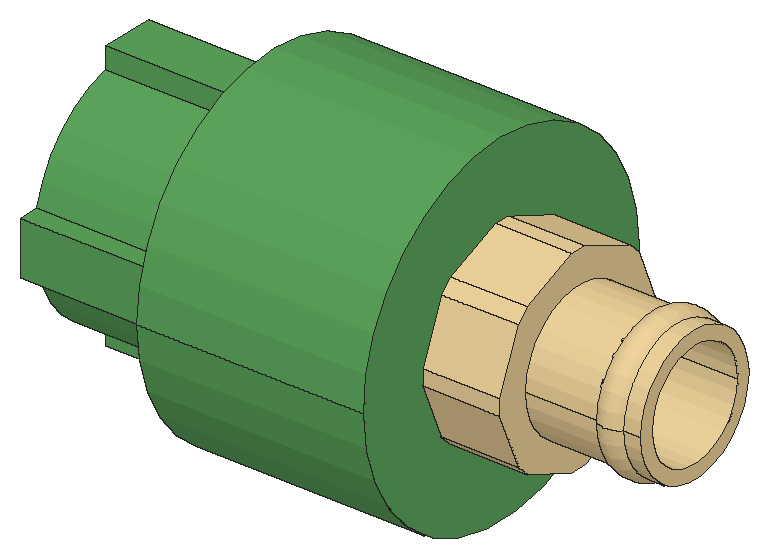
Revit family "Aquatherm_Переходник с наружной резьбой_4", category Соединительные детали трубопроводов, Revit 2019
Family settings
  Размер круглого соединителя = Использовать диаметр
  Тип детали = Переход
  На основе рабочей плоскости = Нет
  Всегда вертикально = Да
  При загрузке вырезать с полостями = Нет
  Общий = Нет
Parameters (values of type "SDR 7.4")
  Материал_Корпус_2 = AquaTherm латунь pipe
  Материал_Корпус = AquaTherm green pipe
  z2 [instance] = size_lookup("Переходник с наружной резьбой", "z2", 18 mm, d, R)  # 13 mm
  z1 [instance] = z2 / 3 * 2  # 8.667 mm
  z [instance] = size_lookup("Переходник с наружной резьбой", "z", 18 mm, d, R)  # 49 mm
  r [instance] = R - 3 mm  # 12 mm
  n [instance] = z2  # 13 mm
  m [instance] = z  # 49 mm
  d1 [instance] = R - 8 mm  # 7 mm
  URL = "www.agpipe.ru"
  d [instance] = 20 mm
  SW' [instance] = SW - 1 mm  # 21 mm
  SW [instance] = if(d > R, size_lookup("Переходник с наружной резьбой", "SW", 18 mm, d, R), R + 4 mm)  # 22 mm
  SDR = 7.4 mm
  R [instance] = 15 mm
  L [instance] = size_lookup("Переходник с наружной резьбой", "L", 18 mm, d, R)  # 63.5 mm
  D2 [instance] = D1 + 4 mm  # 30 mm
  D1 [instance] = d + 6 mm  # 26 mm
  D [instance] = size_lookup("Переходник с наружной резьбой", "D", 18 mm, d, R)  # 38.5 mm
  ADSK_Примечание = ""
  ADSK_Позиция [instance] = ""
  ADSK_Обозначение = ""
  ADSK_Наименование [instance] = size_lookup("Переходник с наружной резьбой", "ADSK_Наименование", "Нет в каталоге", d, R)  # "Переходник с наружной резьбой DN20x1/2''"
  ADSK_Масса_Текст [instance] = size_lookup("Переходник с наружной резьбой", "ADSK_Масса_Текст", "Нет в каталоге", d, R)  # "0.111"
  ADSK_Код изделия [instance] = size_lookup("Переходник с наружной резьбой", "ADSK_Код изделия", "Нет в каталоге", d, R)  # "21356"
  ADSK_Завод-изготовитель = "Aquatherm"  # constant formula
  ADSK_Единица измерения = "шт."  # constant formula
  1 [instance] = 1 = 1  # yes
Types (4, lengths in mm): name | SDR
  (no name) | 7.4
  SDR 6 | 6
  SDR 7.4 | 7.4
  SDR 11 | 11
Reference planes
  plane 1 "По центру (Вперед/Назад)": y = 0
  plane 2: z = 0
  plane 3 "По центру (Влево/Вправо)": x = 0
  plane 4: x = -31.75
  plane 5: x = 31.75
  plane 6: x = -17.25
  plane 7: x = 10.083
  plane 8: x = 18.75
  plane 9: y = 7.5
  plane 10: y = -7.5
Forms (mm)
  Extrusion 1, solid, material "AquaTherm green pipe" <- "Материал_Корпус", visible <- "1"
    sketch origin (0, 0, 0) x (0, 1, 0) y (0, 0, 1)
      loop
        circle (0, 0) r 13
    from -31.75 to -15.3
  Extrusion 2, solid, material "AquaTherm green pipe" <- "Материал_Корпус", visible <- "1"
    sketch origin (0, 0, 0) x (0, 1, 0) y (0, 0, 1)
      loop
        circle (0, 0) r 19.25
    from -15.3 to 10.083
  Extrusion 3, solid, material "AquaTherm green pipe" <- "Материал_Корпус", visible <- "1"
    sketch origin (0, 0, 0) x (0, 1, 0) y (0, 0, 1)
      loop
        line (3, -15) -> (3, 15) -> (-3, 15) -> (-3, -15) -> (3, -15)
    from -31.75 to -15.3
  Extrusion 4, solid, material "AquaTherm green pipe" <- "Материал_Корпус", visible <- "1"
    sketch origin (0, 0, 0) x (0, 1, 0) y (0, 0, 1)
      loop
        line (-15, -3) -> (15, -3) -> (15, 3) -> (-15, 3) -> (-15, -3)
    from -31.75 to -15.3
  Extrusion 5, void
    sketch origin (0, 0, 0) x (0, 1, 0) y (0, 0, 1)
      loop
        circle (0, 0) r 7.5
    from -2.608 to 6.833
  Extrusion 6, void
    sketch origin (0, 0, 0) x (0, 1, 0) y (0, 0, 1)
      loop
        circle (0, 0) r 10
    from -31.75 to -15.3
  Extrusion 7, void
    sketch origin (0, 0, 0) x (0, 1, 0) y (0, 0, 1)
      loop
        circle (0, 0) r 3.5
    from -15.3 to 0
  Extrusion 8, solid, material "AquaTherm латунь pipe" <- "Материал_Корпус_2", visible <- "1"
    sketch origin (0, 0, 0) x (0, 1, 0) y (0, 0, 1)
      loop
        circle (0, 0) r 7.5
    from 10.083 to 31.75
  Extrusion 9, void
    sketch origin (0, 0, 0) x (0, 1, 0) y (0, 0, 1)
      loop
        circle (0, 0) r 6
    from 6.833 to 31.75
  Extrusion 10, solid, material "AquaTherm латунь pipe" <- "Материал_Корпус_2", visible <- "1"
    sketch origin (0, 0, 0) x (0, 1, 0) y (0, 0, 1)
      loop
        circle (0, 0) r 7.5
      loop
        line (-4.556, 11) -> (-11, 4.556) -> (-11, -4.556) -> (-4.556, -11) -> (4.556, -11) -> (11, -4.556) -> (11, 4.556) -> (4.556, 11) -> (-4.556, 11)
    from 10.083 to 18.75
  Extrusion 11, void
    sketch origin (0, 0, 0) x (0, 1, 0) y (0, 0, 1)
      loop
        line (0, 11.365) -> (-8.036, 8.036) -> (-11.365, 0) -> (-8.036, -8.036) -> (0, -11.365) -> (8.036, -8.036) -> (11.365, 0) -> (8.036, 8.036) -> (0, 11.365)
      loop
        circle (0, 0) r 38.5
    from 10.083 to 18.75
  Revolve 12, solid, material "AquaTherm латунь pipe" <- "Материал_Корпус_2", visible <- "1"
    sketch origin (0, 0, 0) x (1, 0, 0) y (0, 1, 0)
      loop
        arc (29.75, 7.5) -> (28.25, 8.197) -> (26.75, 7.5) r 1.963
        line (26.75, 7.5) -> (29.75, 7.5)
      axis (29.75, 0) -> (26.75, 0)
    angle from 0 to 360
Cuts and joins
  Extrusion 6, Extrusion 7 cuts Extrusion 1
  Extrusion 6, Extrusion 7 cuts Extrusion 3
  Extrusion 6, Extrusion 7 cuts Extrusion 4
  joined: Extrusion 1, Extrusion 3, Extrusion 4
  Extrusion 5, Extrusion 6, Extrusion 7, Extrusion 9, Extrusion 11 cuts Extrusion 2
  Extrusion 9 cuts Extrusion 8
  Extrusion 11 cuts Extrusion 10
Lines and regions (mm)
  reference lines
    curve 1: line (-17.25, 0, 0) -> (18.75, 0, 0)
Dimensions and locks
  equal spacing: plane 4, plane 3 "По центру (Влево/Вправо)", plane 5
  "L": plane 4 to plane 5
  "m": plane 6 to plane 5
  locked: plane 6 to Extrusion 1 at 1.95
  equal spacing: Extrusion 3 sketch curve, level, Extrusion 3 sketch curve
  "D2": Extrusion 3 sketch curve to Extrusion 3 sketch curve
  equal spacing: Extrusion 4 sketch curve, plane 1 "По центру (Вперед/Назад)", Extrusion 4 sketch curve
  "D2": Extrusion 4 sketch curve to Extrusion 4 sketch curve
  locked: cut or joined group of Extrusion 2, Extrusion 5, Extrusion 6, Extrusion 7, Extrusion 9, Extrusion 11 to plane 7 at 3.25
  "z1": plane 7 to plane 8
  "z2": plane 8 to plane 5
  equal spacing: cut or joined group of Extrusion 2, Extrusion 5, Extrusion 6, Extrusion 7, Extrusion 9, Extrusion 11, cut or joined group of Extrusion 2, Extrusion 5, Extrusion 6, Extrusion 7, Extrusion 9, Extrusion 11, cut or joined group of Extrusion 2, Extrusion 5, Extrusion 6, Extrusion 7, Extrusion 9, Extrusion 11
  equal spacing: Extrusion 10 sketch curve, level, Extrusion 10 sketch curve
  "SW": Extrusion 10 sketch curve to Extrusion 10 sketch curve  (x4)
  equal spacing: Extrusion 10 sketch curve, curve 1, Extrusion 10 sketch curve  (x3)
  equal spacing: Extrusion 11 sketch curve, curve 1, Extrusion 11 sketch curve  (x4)
  "SW'": Extrusion 11 sketch curve to Extrusion 11 sketch curve  (x4)
  equal spacing: plane 9, plane 1 "По центру (Вперед/Назад)", plane 10
  "R": plane 9 to plane 10
  Revolve 12 sketch curve to Revolve 12 sketch curve to plane 5 = 3 mm locked, 2 mm locked
  "D1": diameter of Extrusion 1 sketch curve
  "D": diameter of Extrusion 2 sketch curve
  "R": diameter of Extrusion 5 sketch curve
  "d": diameter of Extrusion 6 sketch curve
  "d1": diameter of Extrusion 7 sketch curve
  "R": diameter of Extrusion 8 sketch curve
  "r": diameter of Extrusion 9 sketch curve
  "R": diameter of Extrusion 10 sketch curve
  "D": radius of Extrusion 11 sketch curve
  locked: Extrusion 10 sketch curve to Extrusion 10 sketch curve (angle 135.00°)  (x4)
  locked: Extrusion 11 sketch curve to Extrusion 11 sketch curve (angle 135.00°)  (x4)
  aligned and locked: level to plane 2
  aligned and locked: Extrusion 1 to plane 4
  aligned and locked: Extrusion 2 to Extrusion 1
  aligned and locked: Extrusion 4 to plane 4
  aligned and locked: Extrusion 3 to plane 4
  aligned and locked: Extrusion 1 to Extrusion 3
  aligned and locked: Extrusion 4 to Extrusion 1
  aligned and locked: Extrusion 6 to plane 4
  aligned and locked: plane 7 to Extrusion 2
  aligned and locked: Extrusion 2 to Extrusion 7
  aligned and locked: Extrusion 6 to Extrusion 2
  aligned and locked: plane 5 to Extrusion 8
  aligned and locked: plane 3 "По центру (Влево/Вправо)" to Extrusion 7
  aligned and locked: Extrusion 9 to Extrusion 5
  aligned and locked: plane 5 to Extrusion 9
  aligned and locked: Extrusion 8 to cut or joined group of Extrusion 2, Extrusion 5, Extrusion 6, Extrusion 7, Extrusion 9, Extrusion 11
  aligned and locked: plane 6 to curve 1
  aligned and locked: plane 8 to Extrusion 10
  aligned and locked: Extrusion 10 to plane 7
  aligned and locked: cut or joined group of Extrusion 10, Extrusion 11 to plane 7
  aligned and locked: plane 8 to Extrusion 11
  aligned and locked: plane 8 to curve 1
  aligned and locked: plane 9 to Revolve 12 sketch curve
  aligned and locked: Revolve 12 sketch curve to plane 1 "По центру (Вперед/Назад)"
Automatic sketch dimensions
  plane 1 "По центру (Вперед/Назад)" to curve 1 = 0 mm
  Extrusion 1 sketch curve to level = 0 mm
  Extrusion 1 sketch curve to plane 1 "По центру (Вперед/Назад)" = 0 mm
  Extrusion 2 sketch curve to level = 0 mm
  Extrusion 2 sketch curve to plane 1 "По центру (Вперед/Назад)" = 0 mm
  plane 1 "По центру (Вперед/Назад)" to Extrusion 3 sketch curve = 3 mm
  Extrusion 3 sketch curve to plane 1 "По центру (Вперед/Назад)" = 3 mm
  Extrusion 4 sketch curve to level = 3 mm
  level to Extrusion 4 sketch curve = 3 mm
  Extrusion 5 sketch curve to level = 0 mm
  Extrusion 5 sketch curve to plane 1 "По центру (Вперед/Назад)" = 0 mm
  Extrusion 6 sketch curve to level = 0 mm
  Extrusion 6 sketch curve to plane 1 "По центру (Вперед/Назад)" = 0 mm
  Extrusion 7 sketch curve to level = 0 mm
  Extrusion 7 sketch curve to plane 1 "По центру (Вперед/Назад)" = 0 mm
  Extrusion 8 sketch curve to level = 0 mm
  Extrusion 8 sketch curve to plane 1 "По центру (Вперед/Назад)" = 0 mm
  Extrusion 9 sketch curve to level = 0 mm
  Extrusion 9 sketch curve to plane 1 "По центру (Вперед/Назад)" = 0 mm
  Extrusion 10 sketch curve to level = 0 mm
  Extrusion 10 sketch curve to plane 1 "По центру (Вперед/Назад)" = 0 mm
  Extrusion 11 sketch curve to plane 1 "По центру (Вперед/Назад)" = 0 mm  (x2)
  Extrusion 11 sketch curve to level = 0 mm  (x2)
  Revolve 12 sketch curve to plane 9 = 1.267 mm
  plane 8 to Revolve 12 sketch curve = 6 mm
  plane 5 to Revolve 12 sketch curve = 10 mm
Connectors
  piping at (-17.25, 0, 0), diameter 20, driven by "d"
    settings: on curve 1, index 1, connector inside diameter 609.6 mm, connector length 0 mm, flow factor 0, pipe flow 0.0 L/s, pressure drop 0.0 Pa, fitting loss kfactor 0, connector angle 0.00°, fixture units 0, engagement length 0 mm, angle of deflection 0.00°, flow configuration 0, flow direction 0, fitting loss method 0, system type 28, joint type 0, gender type 0, connector reference index 2, connector utility 0, adjustable connector no, is connector primary yes, connector description ""
  piping at (18.75, 0, 0), diameter 15, driven by "R"
    settings: on curve 1, index 2, connector inside diameter 609.6 mm, connector length 0 mm, flow factor 0, pipe flow 0.0 L/s, pressure drop 0.0 Pa, fitting loss kfactor 0, connector angle 0.00°, fixture units 0, engagement length 0 mm, angle of deflection 0.00°, flow configuration 0, flow direction 0, fitting loss method 0, system type 28, joint type 0, gender type 0, connector reference index 1, connector utility 0, adjustable connector no, is connector primary no, connector description ""
